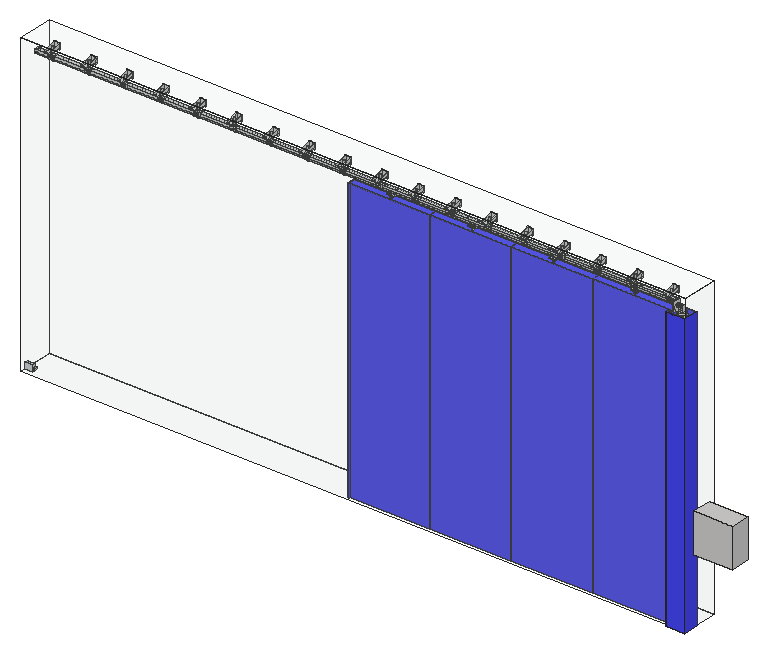
Revit family "Somati-System_SGS_Horizontal-fire-sliding-door_with-engine_9040_EI120", category Doors, host Wall, Revit 2018
Family settings
  Host = Wall
  OmniClass Number = 23.30.10.00
  OmniClass Title = Doors
  Always vertical = Yes
  Cut with Voids When Loaded = No
  Shared = No
  Room Calculation Point = No
Parameters (values of type "EI 120")
  Youtube clip = "https://www.youtube.com/watch?v=pRjbxBvixFY&feature=emb_logo"
  Wing top offset [instance] = 133 mm  # constant formula
  Wing thickness = 81.2 mm
  Wing middle offset = 75.5 mm
  Wing access (D) [instance] = [Width (W)] + 200 mm  # 4200 mm
  Width (W) [instance] = 4000 mm
  Weight Net (Kg) = "0"
  Uniformat II Description = ""
  Uniformat II Code = ""
  Uniclass 2015 Name = ""
  Uniclass 2015 Code = ""
  Uniclass 2.0 Description = ""
  Uniclass 2.0 Code = ""
  Uniclass 1.4 Description = ""
  Uniclass 1.4 Code = ""
  UNSPSC Code = ""
  Total height (Z) [instance] = Height Control + 360 mm  # 3860 mm
  Thickness = 0 mm
  Technical description = "https://somati-system.pl/en/download/sgs-download-en/"
  Region South America = "None"
  Region Oceania = "None"
  Region North America = "None"
  Region Middle East = "None"
  Region Europe = "AD, AL, AT, AX, BA, BE, BG, BY, CH, CY, CZ, DE, DK, EE, ES, FI, FO, FR, GB, GG, GI, GR, HR, HU, IE, IM, IS, IT, JE, LI, LT, LU, LV, MC, MD, ME, MK, MT, NL, NO, PL, PT, RO, RS, RU, SE, SI, SJ, SK, SM, UA, VA"
  Region Asia = "None"
  Region Antarctica = "None"
  Region Africa = "None"
  Rail and assembly materials [instance] = Somati - Stainless Steel - 7035
  QR code = "http://bimobject.com/somati-system/product/SGS_HORIZONTAL_FIRE_SLIDING_DOOR"
  Product url = "https://somati-system.pl/en/products/sgs-horizontal-fire-sliding-doors/"
  Product group = "SGS"
  Product family = "SGS"
  Product data url = "https://bimobject.com/somati-system/product/SGS_HORIZONTAL_FIRE_SLIDING_DOOR"
  Product certification = ""
  Product SKU = "SGS_HORIZONTAL_FIRE_SLIDING_DOOR"
  Product Guid = "8235eb12-0acf-4b60-9ca9-7613396e8d01"
  Power supply of control panel = "230V/50Hz/6A"  # constant formula
  Panel width [instance] = ([Width (W)] + 201 mm) / Number of panels in wing  # 1050.25 mm
  Panel material = Somati - Stainless Steel - Custom
  Panel height [instance] = Height Control + Wing top offset  # 3633 mm
  OmniClass Description = ""
  OmniClass Code = ""
  Offset Right [instance] = 260 mm
  Offset Left [instance] = 260 mm
  Number of panels in wing [instance] = roundup([Width (W)] / 1000 mm)  # 4
  Number of hangers [instance] = ([Guide rail length (K)] - 420 mm) / 600 mm  # 18
  Nominal width = 0 mm
  Nominal height = 0 mm
  NBS Reference Description = ""
  NBS Reference Code = ""
  Model = "SGS"  # constant formula
  Max number of opening cycles = 50000  # constant formula
  Material secondary = "Composite"
  Material main = "Steel"
  Masterformat 2014 Description = ""
  Masterformat 2014 Code = ""
  Manufacturer name = "Somati System"
  Manufacturer country = "Poland"
  Manufacturer = "Somati System"  # constant formula
  Installation instructions = ""
  IFC Classification = ""
  Height Control [instance] = if([Height (H)] > 3500 mm, 3500 mm, [Height (H)])  # 3500 mm
  Height (H) [instance] = 3500 mm
  Guide rail lower edge (B1) [instance] = Height Control + 160 mm  # 3660 mm
  Guide rail length (K) [instance] = 11460 mm
  Gate Control type = "Electromagnetic brake"  # constant formula
  GTIN code = ""
  Function = Interior
  Height = 2000 mm
  Wall Closure = By host
  Width = 1000 mm
  Fire resistance = "EI 60, EI 120 n"  # constant formula
  Edition number = 1
  Design country = "Poland"
  Date of publishing = ""
  Console mounting axis (B2) [instance] = if(Height Control > 3500 mm, Height Control + 239 mm, Height Control + 179 mm)  # 3679 mm
  Clearance Area Visibility [instance] = yes
  COBIe Type Category = ""
  Buffer (A1) [instance] = [Wing access (D)] + 130 mm  # 4330 mm
  Brand url = ""
  BIMobject main category code = "doors"
  BIMobject main category = "Doors"
  BIMobject category code = "doors-fire"
  BIMobject category = "Fire Doors & Shutters"
  Available surface fnish = "Galvanized Stainless Steel PVC, MDF, HDF, laminate or veneer, STANDARD RAL 7035, 9002, 9006, 9010, and powder coating of whole RAL pallet"  # constant formula
Reference planes
  plane 1: y = 0
  plane 2 "Center (Left/Right)": x = 0
  plane 3 "Left": x = -2000
  plane 4 "Right": x = 2000
  plane 5 "Cutout height": z = 3500
  plane 6 "Exterior": y = 150
  plane 7 "Interior": y = -150
  plane 8 "Consoles mounting axis": z = 3679
  plane 9 "Total height top": z = 3860
  plane 10 "Guide rail bottom": z = 3660
  plane 11 "Wing access": x = -6200
  plane 12 "Buffer placement": x = -6330
  plane 13 "Counterweight housing": x = 2260
  plane 14 "Handle": z = 1250
  plane 15 "Wing end left": x = -2141
  plane 16 "Wing end top": z = 3633
  plane 17 "Wing end right": x = 2060
  plane 18: y = -324
  plane 19 "Wing axis": y = -225.5
  plane 20: y = -75
  plane 21: y = -209.9
  plane 22: y = -241.1
  plane 23: x = -2143
  plane 24 "end of hangers": x = -5990
  plane 25: x = -1040
  plane 26: x = -2045
  plane 27: y = -266.1
  plane 28: y = -184.9
  plane 29: x = -6339
  plane 30: x = -6514.5
  plane 31: x = 2260
  plane 32: x = -6510
  plane 33: z = 3740
  plane 34: x = 2430
Forms (mm)
  Sweep 1, solid
    path origin (0, -150, 0) x (1, 0, 0) y (0, 0, 1)
      loop
        line (-2000, 0) -> (-2000, 3482) -> (2000, 3482)
    profile origin (-2000, -150, 1741) x (-1, 0, 0) y (0, -1, 0)
      loop
        line (10, 33) -> (10, 4)
        arc (10, 4) -> (11.172, 1.172) -> (14, 0) r 4
        line (14, 0) -> (102.778, 0)
        arc (102.778, 0) -> (105.607, 1.172) -> (106.778, 4) r 4
        line (106.778, 4) -> (106.778, 29)
        arc (106.778, 29) -> (107.364, 30.414) -> (108.778, 31) r 2
        line (108.778, 31) -> (124.778, 31) -> (124.778, 33) -> (10, 33)
  Sweep 2, solid, material "Somati - Stainless Steel - Custom" <- "Panel material"
    path origin (0, -150, 0) x (1, 0, 0) y (0, 0, 1)
      loop
        line (-2141, 3633) -> (-2141, 0)
    profile origin (-2141, -150, 1816.5) x (0, -1, 0) y (1, 0, 0)
      loop
        arc (18.1, 2) -> (19.272, -0.828) -> (22.1, -2) r 4
        line (22.1, -2) -> (114.1, -2)
        arc (114.1, -2) -> (116.928, -0.828) -> (118.1, 2) r 4
        line (118.1, 2) -> (118.1, 13) -> (116.1, 13) -> (116.1, 2)
        arc (116.1, 2) -> (115.514, 0.586) -> (114.1, 0) r 2
        line (114.1, 0) -> (22.1, 0)
        arc (22.1, 0) -> (20.686, 0.586) -> (20.1, 2) r 2
        line (20.1, 2) -> (20.1, 23) -> (18.1, 23) -> (18.1, 2)
  Sweep 3, solid, material "Somati - Stainless Steel - Custom" <- "Panel material"
    path origin (0, -150, 0) x (1, 0, 0) y (0, 0, 1)
      loop
        line (-2143, 3633) -> (2060, 3633)
    profile origin (-41.5, -150, 3633) x (0, 0, 1) y (0, -1, 0)
      loop
        line (-23, 19.5) -> (-23, 17.5) -> (-2, 17.5)
        arc (-2, 17.5) -> (0.828, 18.672) -> (2, 21.5) r 4
        line (2, 21.5) -> (2, 117.5) -> (0, 117.5) -> (0, 21.5)
        arc (0, 21.5) -> (-0.586, 20.086) -> (-2, 19.5) r 2
        line (-2, 19.5) -> (-23, 19.5)
  Sweep 4, solid, material "Somati - Stainless Steel - Custom" <- "Panel material"
    path origin (0, -150, 0) x (1, 0, 0) y (0, 0, 1)
      loop
        line (2260, 3633) -> (2260, 0)
    profile origin (2260, -150, 1816.5) x (0, -1, 0) y (1, 0, 0)
      loop
        line (186, -248) -> (186, 0) -> (0, 0) -> (0, -251) -> (33, -251) -> (33, -202) -> (149, -202) -> (149, -248) -> (186, -248)
      loop
        line (2, -200) -> (152, -200) -> (152, -245) -> (182, -245) -> (182, -3) -> (2, -3) -> (2, -200)
  Sweep 5, solid, material "Somati - Stainless Steel - 7035" <- "Rail and assembly materials"
    path origin (0, -225.5, 0) x (0, 0, -1) y (-1, 0, 0)
      loop
        line (-3655.5, 6200) -> (-3655.5, -2059)
    profile origin (-2070.5, -225.5, 3655.5) x (0, 0, -1) y (0, 1, 0)
      loop
        line (-49.5, -10) -> (-52.5, -10) -> (-52.5, -17.27)
        arc (-52.5, -17.27) -> (-52.68, -17.833) -> (-53.154, -18.187) r 0.97
        line (-53.154, -18.187) -> (-66.563, -22.805)
        arc (-66.563, -22.805) -> (-67.137, -22.951) -> (-67.728, -23) r 3.578
        line (-67.728, -23) -> (-90.523, -23)
        arc (-90.523, -23) -> (-91.214, -22.714) -> (-91.5, -22.023) r 0.977
        line (-91.5, -22.023) -> (-91.5, 21.985)
        arc (-91.5, 21.985) -> (-91.203, 22.703) -> (-90.485, 23) r 1.015
        line (-90.485, 23) -> (-67.73, 23)
        arc (-67.73, 23) -> (-67.137, 22.951) -> (-66.56, 22.804) r 3.593
        line (-66.56, 22.804) -> (-53.141, 18.183)
        arc (-53.141, 18.183) -> (-52.677, 17.836) -> (-52.5, 17.283) r 0.951
        line (-52.5, 17.283) -> (-52.5, 10) -> (-49.5, 10) -> (-49.5, 19.391)
        arc (-49.5, 19.391) -> (-49.707, 20) -> (-50.242, 20.357) r 1
        line (-50.242, 20.357) -> (-65.589, 25.643)
        arc (-65.589, 25.643) -> (-66.5, 25.91) -> (-67.445, 26) r 5
        line (-67.445, 26) -> (-91.5, 26)
        arc (-91.5, 26) -> (-93.621, 25.121) -> (-94.5, 23) r 3
        line (-94.5, 23) -> (-94.5, -23)
        arc (-94.5, -23) -> (-93.621, -25.121) -> (-91.5, -26) r 3
        line (-91.5, -26) -> (-67.445, -26)
        arc (-67.445, -26) -> (-66.5, -25.91) -> (-65.589, -25.643) r 5
        line (-65.589, -25.643) -> (-50.242, -20.357)
        arc (-50.242, -20.357) -> (-49.707, -20) -> (-49.5, -19.391) r 1
        line (-49.5, -19.391) -> (-49.5, -10)
  Extrusion 6, solid, material "Clearance Areas", visible <- "Clearance Area Visibility"
    sketch origin (-2209.467, 358.585, 220.701) x (1, 0, 0) y (0, 0, -1)
      loop
        line (-4120.533, 220.701) -> (-4120.533, -3639.299) -> (4469.467, -3639.299) -> (4469.467, 220.701) -> (-4120.533, 220.701)
    from -682.585 to -208.585
  Sweep 7, solid, material "Somati - Stainless Steel - Custom" <- "Panel material", not visible
    path origin (0, -150, 0) x (1, 0, 0) y (0, 0, 1)
      loop
        line (2000, 200) -> (2000, 3633)
    profile origin (2000, -150, 1916.5) x (-1, 0, 0) y (0, -1, 0)
      loop
        line (-9, 0) -> (-9, 33) -> (-58, 33) -> (-58, 124) -> (-12, 124) -> (-12, 161) -> (-60, 161) -> (-60, 0) -> (-9, 0)
  Extrusion 8, solid, material "Somati - Stainless Steel - 7035" <- "Rail and assembly materials"
    sketch origin (0, -150, 250) x (1, 0, 0) y (0, 0, 1)
      loop
        line (2430, 1250) -> (2430, 750) -> (2930, 750) -> (2930, 1250) -> (2430, 1250)
    from 0 to 250
  Extrusion 9, solid, material "Somati - Stainless Steel - 7035" <- "Rail and assembly materials", not visible
    sketch origin (0, -150, 0) x (1, 0, 0) y (0, 0, 1)
      loop
        line (2430, 1250) -> (2430, 750) -> (2930, 750) -> (2930, 1250) -> (2430, 1250)
    from 0 to 250
Lines and regions (mm)
  Opening 1
    outline origin (-3050, -150, 0) x (1, 0, 0) y (0, 0, 1)
      loop
        line (1050, 0) -> (5050, 0) -> (5050, 3500) -> (1050, 3500) -> (1050, 0)
  model lines, not visible
    curve 1: line (2430, -150, 1250) -> (2930, -150, 1250)
    curve 2: line (2430, -150, 1000) -> (2930, -150, 1000)
Text (mm)
  text "Exterior" at (-2295.016, 1099.543, 0), in view "Ref. Level"
  text "Exterior" at (0, 1615.38, 3698.081), in view "Left"
  text "Exterior" at (0, 1036.032, 3874.932), in view "Right"
Dimensions and locks
  equal spacing: plane 3 "Left", plane 2 "Center (Left/Right)", plane 4 "Right"
  "Width (W)": plane 3 "Left" to plane 4 "Right"
  "Height Control": plane 5 "Cutout height" to host wall
  host wall to plane 5 "Cutout height" = 3500 mm  (x2)
  locked: plane 6 "Exterior" to host wall at 0
  locked: plane 7 "Interior" to host wall
  "Total height (Z)": plane 9 "Total height top" to level
  "Console mounting axis (B2)": plane 8 "Consoles mounting axis" to level
  "Guide rail lower edge (B1)": plane 10 "Guide rail bottom" to level
  "Buffer (A1)": plane 12 "Buffer placement" to plane 3 "Left"
  locked: plane 4 "Right" to plane 13 "Counterweight housing" at 260
  "Wing access (D)": plane 11 "Wing access" to plane 3 "Left"
  locked: plane 14 "Handle" to level at 1250
  equal spacing: plane 21, plane 19 "Wing axis", plane 22
  equal spacing: group 1, group 6, group 14, group 2  (x3)
  locked: plane 4 "Right" to plane 17 "Wing end right" at 60
  "Wing top offset": plane 16 "Wing end top" to plane 5 "Cutout height"
  locked: plane 23 to plane 15 "Wing end left" at 2
  locked: Sweep 1 sketch curve to plane 5 "Cutout height" at 18
  locked: plane 24 "end of hangers" to plane 11 "Wing access" at 210
  equal spacing: group 4, group 22, group 21, group 20, group 19, group 18, group 17, group 16, group 15, group 13, group 12, group 11, group 10, group 9, group 8, group 7, group 5, group 3
  equal spacing: group 3, group 5, group 7, group 8, group 9, group 10, group 11, group 12, group 13, group 15, group 16, group 17, group 18, group 19, group 20, group 21, group 22, group 4  (x2)
  locked: plane 26 to plane 3 "Left" at 45
  locked: plane 28 to plane 21 at 25
  locked: plane 22 to plane 27 at 25
  locked: plane 15 "Wing end left" to plane 3 "Left" at 141
  locked: Sweep 4 to plane 19 "Wing axis" at 110.5
  locked: Sweep 4 sketch curve to Sweep 4 sketch curve at 3
  locked: plane 29 to plane 12 "Buffer placement" at 9
  plane 29 to plane 30 = 175.5 mm
  "Offset Right": plane 4 "Right" to plane 31
  plane 32 to plane 12 "Buffer placement" = 180 mm
  "Wing middle offset": host wall to plane 19 "Wing axis"
  plane 9 "Total height top" to plane 5 "Cutout height" = 360 mm
  nested 5 to nested 3 = 470 mm
  locked: plane 34 to plane 31 at 170
  locked: plane 19 "Wing axis" to host wall at 75.5
  plane 31 to plane 34 = 170 mm
  aligned and locked: plane 3 "Left" to Opening 1 sketch curve
  aligned and locked: plane 5 "Cutout height" to Opening 1 sketch curve  (x2)
  aligned and locked: Opening 1 sketch curve to plane 4 "Right"
  aligned and locked: Opening 1 sketch curve to level
  aligned and locked: host wall to plane 1
  aligned and locked: nested 1 to plane 19 "Wing axis"
  aligned and locked: plane 15 "Wing end left" to nested 1
  aligned and locked: plane 17 "Wing end right" to nested 2
  aligned and locked: Sweep 1 sketch curve to plane 3 "Left"
  aligned and locked: plane 3 "Left" to Sweep 1 sketch curve
  aligned and locked: plane 4 "Right" to Sweep 1 sketch curve
  aligned and locked: level to Sweep 1 sketch curve
  aligned and locked: Sweep 2 sketch curve to plane 15 "Wing end left"
  aligned and locked: plane 16 "Wing end top" to Sweep 2 sketch curve
  aligned and locked: level to Sweep 2 sketch curve
  aligned and locked: Sweep 3 sketch curve to plane 16 "Wing end top"
  aligned and locked: Sweep 3 sketch curve to plane 23
  aligned and locked: plane 16 "Wing end top" to Sweep 4 sketch curve
  aligned and locked: plane 17 "Wing end right" to Sweep 3 sketch curve
  aligned and locked: nested 3 to plane 4 "Right"
  aligned and locked: plane 6 "Exterior" to Extrusion 6
  aligned and locked: plane 13 "Counterweight housing" to Extrusion 6
  aligned and locked: Extrusion 6 to plane 12 "Buffer placement"
  aligned and locked: Extrusion 6 to plane 18
  aligned and locked: plane 9 "Total height top" to Extrusion 6
  aligned and locked: nested 2 to plane 19 "Wing axis"
  aligned and locked: profile plane to Sweep 4 sketch curve
  aligned and locked: plane 17 "Wing end right" to Sweep 4 sketch curve
  aligned and locked: nested 6 to plane 19 "Wing axis"
  aligned and locked: nested 6 to plane 12 "Buffer placement"
  aligned and locked: Sweep 7 sketch curve to plane 4 "Right"
  aligned and locked: plane 16 "Wing end top" to Sweep 7 sketch curve
  aligned and locked: plane 9 "Total height top" to nested 3
  aligned and locked: plane 9 "Total height top" to nested 5
  aligned and locked: nested 3 to plane 7 "Interior"
  aligned and locked: nested 5 to plane 7 "Interior"
  aligned and locked: plane 11 "Wing access" to Sweep 5 sketch curve
  aligned and locked: nested 4 to plane 24 "end of hangers"
  aligned and locked: nested 24 to plane 19 "Wing axis"
  aligned and locked: nested 24 to Sweep 4
  aligned and locked: plane 8 "Consoles mounting axis" to nested 24
  aligned and locked: nested 24 to Sweep 5 sketch curve
  aligned and locked: Extrusion 8 to plane 34
  aligned and locked: curve 1 to plane 14 "Handle"
Automatic sketch dimensions
  Sweep 2 sketch curve to Sweep 2 sketch curve = 0 mm  (x4)
  Sweep 2 sketch curve to profile plane = 0 mm
  Sweep 2 sketch curve to profile plane = 2 mm  (x2)
  plane 7 "Interior" to Sweep 2 sketch curve = 18.1 mm
  Sweep 2 sketch curve to Sweep 2 sketch curve = 2 mm
  Sweep 2 sketch curve to Sweep 2 sketch curve = 92 mm
  Sweep 2 sketch curve to Sweep 2 sketch curve = 11 mm
  Sweep 2 sketch curve to Sweep 2 sketch curve = 21 mm
  Sweep 3 sketch curve to Sweep 3 sketch curve = 0 mm  (x2)
  profile plane to Sweep 3 sketch curve = 0 mm
  profile plane to Sweep 3 sketch curve = 2 mm
  Sweep 3 sketch curve to Sweep 3 sketch curve = 21 mm
  Sweep 3 sketch curve to Sweep 3 sketch curve = 2 mm
  plane 7 "Interior" to Sweep 3 sketch curve = 17.5 mm
  Sweep 3 sketch curve to Sweep 3 sketch curve = 96 mm
  Sweep 4 sketch curve to level = 0 mm
  Sweep 4 sketch curve to plane 13 "Counterweight housing" = 0 mm
  plane 7 "Interior" to Sweep 4 sketch curve = 0 mm
  plane 7 "Interior" to Sweep 4 sketch curve = 2 mm
  Sweep 4 sketch curve to Sweep 4 sketch curve = 31 mm
  Sweep 4 sketch curve to Sweep 4 sketch curve = 116 mm
  Sweep 4 sketch curve to Sweep 4 sketch curve = 3 mm  (x2)
  Sweep 4 sketch curve to Sweep 4 sketch curve = 30 mm
  Sweep 4 sketch curve to Sweep 4 sketch curve = 4 mm
  Sweep 4 sketch curve to Sweep 4 sketch curve = 2 mm
  Sweep 4 sketch curve to Sweep 4 sketch curve = 45 mm
  Sweep 4 sketch curve to Sweep 4 sketch curve = 49 mm
  Extrusion 6 sketch curve to plane 9 "Total height top" = 0 mm
  Extrusion 6 sketch curve to plane 12 "Buffer placement" = 0 mm
  Extrusion 6 sketch curve to plane 13 "Counterweight housing" = 0 mm
  Extrusion 6 sketch curve to level = 0 mm
  Sweep 7 sketch curve to plane 14 "Handle" = 1050 mm
  plane 7 "Interior" to Sweep 7 sketch curve = 0 mm
  profile plane to Sweep 7 sketch curve = 60 mm
  Sweep 7 sketch curve to Sweep 7 sketch curve = 2 mm
  profile plane to Sweep 7 sketch curve = 12 mm
  profile plane to Sweep 7 sketch curve = 9 mm
  plane 7 "Interior" to Sweep 7 sketch curve = 33 mm
  Sweep 7 sketch curve to Sweep 7 sketch curve = 91 mm
  Sweep 7 sketch curve to Sweep 7 sketch curve = 37 mm
  Sweep 5 sketch curve to plane 10 "Guide rail bottom" = 4.5 mm
  profile plane to Sweep 5 sketch curve = 94.5 mm
  Sweep 5 sketch curve to Sweep 5 sketch curve = 3 mm  (x3)
  Sweep 5 sketch curve to Sweep 5 sketch curve = 0 mm
  Sweep 5 sketch curve to Sweep 5 sketch curve = 0.977 mm
  Sweep 5 sketch curve to Sweep 5 sketch curve = 1.015 mm  (x2)
  Sweep 5 sketch curve to Sweep 5 sketch curve = 22.755 mm
  Sweep 5 sketch curve to Sweep 5 sketch curve = 22.795 mm
  Sweep 5 sketch curve to Sweep 5 sketch curve = 0.282 mm
  Sweep 5 sketch curve to Sweep 5 sketch curve = 0.285 mm
  Sweep 5 sketch curve to Sweep 5 sketch curve = 1.165 mm
  Sweep 5 sketch curve to Sweep 5 sketch curve = 1.17 mm
  Sweep 5 sketch curve to Sweep 5 sketch curve = 1.857 mm  (x2)
  Sweep 5 sketch curve to Sweep 5 sketch curve = 13.093 mm
  Sweep 5 sketch curve to Sweep 5 sketch curve = 13.109 mm
  Sweep 5 sketch curve to Sweep 5 sketch curve = 0.316 mm
  Sweep 5 sketch curve to Sweep 5 sketch curve = 0.31 mm
  Sweep 5 sketch curve to Sweep 5 sketch curve = 0.951 mm
  Sweep 5 sketch curve to Sweep 5 sketch curve = 0.97 mm
  Sweep 5 sketch curve to Sweep 5 sketch curve = 2.641 mm
  Sweep 5 sketch curve to Sweep 5 sketch curve = 2.654 mm
  Sweep 5 sketch curve to Sweep 5 sketch curve = 0.258 mm  (x2)
  Sweep 5 sketch curve to Sweep 5 sketch curve = 1 mm
  Sweep 5 sketch curve to plane 19 "Wing axis" = 26 mm
  Sweep 5 sketch curve to Sweep 5 sketch curve = 0.357 mm
  Sweep 5 sketch curve to Sweep 5 sketch curve = 2 mm
  Sweep 5 sketch curve to Sweep 5 sketch curve = 0.195 mm
  Sweep 5 sketch curve to Sweep 5 sketch curve = 5.286 mm
  Sweep 5 sketch curve to Sweep 5 sketch curve = 1.204 mm
  Sweep 5 sketch curve to Sweep 5 sketch curve = 7.27 mm
  Sweep 5 sketch curve to Sweep 5 sketch curve = 20 mm
  Sweep 5 sketch curve to Sweep 5 sketch curve = 7.283 mm
  Sweep 5 sketch curve to Sweep 5 sketch curve = 2.108 mm
  Sweep 5 sketch curve to Sweep 5 sketch curve = 2.124 mm
  Sweep 5 sketch curve to Sweep 5 sketch curve = 1.593 mm
  Sweep 5 sketch curve to Sweep 5 sketch curve = 2.577 mm
  Sweep 1 sketch curve to profile plane = 10 mm
  plane 7 "Interior" to Sweep 1 sketch curve = 0 mm
  Sweep 1 sketch curve to profile plane = 14 mm
  plane 7 "Interior" to Sweep 1 sketch curve = 4 mm
  Sweep 1 sketch curve to Sweep 1 sketch curve = 88.778 mm
  Sweep 1 sketch curve to Sweep 1 sketch curve = 2 mm
  Sweep 1 sketch curve to Sweep 1 sketch curve = 16 mm
  Sweep 1 sketch curve to Sweep 1 sketch curve = 25 mm
  Sweep 1 sketch curve to Sweep 1 sketch curve = 29 mm
  Extrusion 8 sketch curve to Extrusion 8 sketch curve = 500 mm  (x2)
  curve 1 to curve 1 = 500 mm
  Extrusion 9 sketch curve to Extrusion 9 sketch curve = 500 mm  (x2)
  curve 2 to curve 2 = 500 mm
Nested families
  nested 1: "Family2" at (-1615.875, -225.5, 0), Material <- "Panel material", Width <- "Panel width", Thickness <- "Wing thickness", Height <- "Panel height", type "Family2"
    with Width 1050.25 mm, Thickness 81.2 mm, Material Somati - Stainless Steel - Custom, Height 3633 mm
  nested 2: "Family2" at (1534.875, -225.5, 0), Material <- "Panel material", Width <- "Panel width", Thickness <- "Wing thickness", Height <- "Panel height", type "Family2"
    with Width 1050.25 mm, Thickness 81.2 mm, Material Somati - Stainless Steel - Custom, Height 3633 mm
  nested 3: "Family3" at (1966, -230, 3770) x (0, 1, 0) z (1, 0, 0), type "Family3", detail levels medium+fine
  nested 4: "Family3" at (-6024, -230, 3770) x (0, 1, 0) z (1, 0, 0), type "Family3", detail levels medium+fine
  nested 5: "Family3" at (1496, -230, 3770) x (0, 1, 0) z (1, 0, 0), type "Family3", detail levels medium+fine
  nested 6: "Stopper" at (-6280.037, -225.5, 0), type "Stopper", detail levels medium+fine
  nested 7: "Family2" at (-565.625, -225.5, 0), Material <- "Panel material", Width <- "Panel width", Thickness <- "Wing thickness", Height <- "Panel height", type "Family2"
    with Width 1050.25 mm, Thickness 81.2 mm, Material Somati - Stainless Steel - Custom, Height 3633 mm
  nested 8: "Family3" at (1026, -230, 3770) x (0, 1, 0) z (1, 0, 0), type "Family3", detail levels medium+fine
  nested 9: "Family3" at (556, -230, 3770) x (0, 1, 0) z (1, 0, 0), type "Family3", detail levels medium+fine
  nested 10: "Family3" at (86, -230, 3770) x (0, 1, 0) z (1, 0, 0), type "Family3", detail levels medium+fine
  nested 11: "Family3" at (-384, -230, 3770) x (0, 1, 0) z (1, 0, 0), type "Family3", detail levels medium+fine
  nested 12: "Family3" at (-854, -230, 3770) x (0, 1, 0) z (1, 0, 0), type "Family3", detail levels medium+fine
  nested 13: "Family3" at (-1324, -230, 3770) x (0, 1, 0) z (1, 0, 0), type "Family3", detail levels medium+fine
  nested 14: "Family3" at (-1794, -230, 3770) x (0, 1, 0) z (1, 0, 0), type "Family3", detail levels medium+fine
  nested 15: "Family2" at (484.625, -225.5, 0), Material <- "Panel material", Width <- "Panel width", Thickness <- "Wing thickness", Height <- "Panel height", type "Family2"
    with Width 1050.25 mm, Thickness 81.2 mm, Material Somati - Stainless Steel - Custom, Height 3633 mm
  nested 16: "Family3" at (-2264, -230, 3770) x (0, 1, 0) z (1, 0, 0), type "Family3", detail levels medium+fine
  nested 17: "Family3" at (-2734, -230, 3770) x (0, 1, 0) z (1, 0, 0), type "Family3", detail levels medium+fine
  nested 18: "Family3" at (-3204, -230, 3770) x (0, 1, 0) z (1, 0, 0), type "Family3", detail levels medium+fine
  nested 19: "Family3" at (-3674, -230, 3770) x (0, 1, 0) z (1, 0, 0), type "Family3", detail levels medium+fine
  nested 20: "Family3" at (-4144, -230, 3770) x (0, 1, 0) z (1, 0, 0), type "Family3", detail levels medium+fine
  nested 21: "Family3" at (-4614, -230, 3770) x (0, 1, 0) z (1, 0, 0), type "Family3", detail levels medium+fine
  nested 22: "Family3" at (-5084, -230, 3770) x (0, 1, 0) z (1, 0, 0), type "Family3", detail levels medium+fine
  nested 23: "Family3" at (-5554, -230, 3770) x (0, 1, 0) z (1, 0, 0), type "Family3", detail levels medium+fine
  nested 24: "Family1500" at (2137, -225.5, 3456), type "Family1500"
Definition of nested family "Family2"
  Parameters (values of type "Family2")
    Width [instance] = 349.761 mm
    Thickness [instance] = 117.742 mm
    Material [instance] = none
    Height [instance] = 398.765 mm
    Hardware material = none
  Reference planes
    plane 1 "Center (Front/Back)": y = 0
    plane 2: z = 0
    plane 3 "Center (Left/Right)": x = 0
    plane 4: x = -174.88
    plane 5: x = 174.88
    plane 6: y = 58.871
    plane 7: y = -58.871
    plane 8: z = 398.765
  Forms (mm)
    Extrusion 1, solid, material <- "Material"
      sketch origin (0, 0, 0) x (1, 0, 0) y (0, 1, 0)
        loop
          line (-174.88, -58.871) -> (174.88, -58.871) -> (174.88, 58.871) -> (-174.88, 58.871) -> (-174.88, -58.871)
      from 0 to 398.765
  Dimensions and locks
    equal spacing: plane 4, plane 3 "Center (Left/Right)", plane 5
    "Width": plane 4 to plane 5
    equal spacing: plane 6, plane 1 "Center (Front/Back)", plane 7
    "Thickness": plane 6 to plane 7
    "Height": plane 8 to plane 2
    aligned and locked: level to plane 2
    aligned and locked: plane 6 to Extrusion 1
    aligned and locked: Extrusion 1 to plane 7
    aligned and locked: Extrusion 1 to plane 4
    aligned and locked: plane 5 to Extrusion 1
    aligned and locked: plane 6 to Extrusion 1 sketch curve
    aligned and locked: Extrusion 1 sketch curve to plane 7
    aligned and locked: Extrusion 1 sketch curve to plane 4
    aligned and locked: plane 5 to Extrusion 1 sketch curve
    aligned and locked: plane 8 to Extrusion 1
    aligned and locked: plane 3 "Center (Left/Right)" to nested 1
    aligned and locked: plane 1 "Center (Front/Back)" to nested 1
    aligned and locked: nested 1 to plane 8
  Nested families
    nested 1: "Family1" at (0, 0, 491.765), type "Family1", detail levels medium+fine
  Definition of nested family "Family1"
    Parameters (values of type "Family1")
      Material = none
    Reference planes
      plane 1 "Center (Front/Back)": y = 0
      plane 2: z = 0
      plane 3 "Center (Left/Right)": x = 0
      plane 4: y = 1.5
      plane 5: y = -1.5
      plane 6: z = -93
    Forms (mm)
      Extrusion 1, solid, material <- "Material"
        sketch origin (0, 0, 0) x (0, 1, 0) y (0, 0, 1)
          loop
            line (11, -54) -> (-26.5, -54) -> (-26.5, -60) -> (11, -60)
            arc (11, -60) -> (16.303, -57.803) -> (18.5, -52.5) r 7.5
            line (18.5, -52.5) -> (18.5, -45.5)
            arc (18.5, -45.5) -> (16.303, -40.197) -> (11, -38) r 7.5
            line (11, -38) -> (9, -38)
            arc (9, -38) -> (4.757, -36.243) -> (3, -32) r 6
            line (3, -32) -> (3, 17.5) -> (-3, 17.5) -> (-3, -32)
            arc (-3, -32) -> (0.515, -40.485) -> (9, -44) r 12
            line (9, -44) -> (11, -44)
            arc (11, -44) -> (12.061, -44.439) -> (12.5, -45.5) r 1.5
            line (12.5, -45.5) -> (12.5, -52.5)
            arc (12.5, -52.5) -> (12.061, -53.561) -> (11, -54) r 1.5
        from -45 to 45
      Revolve 2, solid, material <- "Material"
        sketch origin (0, 0, 0) x (1, 0, 0) y (0, 0, 1)
          loop
            arc (8.25, -46) -> (4.244, -44.507) -> (0, -44) r 18.016
            line (0, -44) -> (0, -184) -> (6.5, -184) -> (8, -182.5) -> (8, -91) -> (10.125, -91)
            arc (10.125, -91) -> (11.933, -90.664) -> (13.5, -89.7) r 5.031
            line (13.5, -89.7) -> (13.5, -84.8)
            arc (13.5, -84.8) -> (12.037, -83.478) -> (10.125, -83) r 4.064
            line (10.125, -83) -> (8, -83) -> (8, -71) -> (10.125, -71)
            arc (10.125, -71) -> (11.933, -70.664) -> (13.5, -69.7) r 5.031
            line (13.5, -69.7) -> (13.5, -64.8)
            arc (13.5, -64.8) -> (12.037, -63.478) -> (10.125, -63) r 4.064
            line (10.125, -63) -> (15, -63) -> (15, -60) -> (8, -60) -> (8, -54) -> (16.5, -54) -> (16.5, -46)
            arc (16.5, -46) -> (12.375, -44) -> (8.25, -46) r 5.254
          axis (0, -44) -> (0, -184)
        angle from 0 to 360
      Extrusion 3, void
        sketch origin (0, 0, 0) x (1, 0, 0) y (0, 0, 1)
          loop
            line (45, -25) -> (45, 17.5) -> (-45, 17.5) -> (-45, -25)
            arc (-45, -25) -> (0, 15) -> (45, -25) r 45.312
        from -23 to 30.5
      Extrusion 4, solid, material <- "Material"
        sketch origin (0, 0, 0) x (1, 0, 0) y (0, 0, 1)
          loop
            circle (70, 0) r 17
        from -17 to -7
      Sweep 5, void
        path in 3D
          loop
            arc (87, 7, 0) -> (70, 7, -17) -> (53, 7, 0) r 17
            arc (53, 7, 0) -> (70, 7, 17) -> (87, 7, 0) r 17
        profile origin (70, 7, 17) x (0, 0, 1) y (0, -1, 0)
          loop
            line (-1.5, 0) -> (0, -1.5) -> (0.954, -0.546) -> (-0.546, 0.954) -> (-1.5, 0)
      Sweep 6, void
        path in 3D
          loop
            arc (87, 17, 0) -> (70, 17, -17) -> (53, 17, 0) r 17
            arc (53, 17, 0) -> (70, 17, 17) -> (87, 17, 0) r 17
        profile origin (70, 17, 17) x (0, 0, -1) y (0, 1, 0)
          loop
            line (1.5, 0) -> (0.546, 0.954) -> (-0.954, -0.546) -> (0, -1.5) -> (1.5, 0)
      Extrusion 7, solid, material <- "Material"
        sketch origin (0, 0, 0) x (1, 0, 0) y (0, 0, 1)
          loop
            circle (70, 0) r 9
        from -7 to -3
      Extrusion 8, solid, material <- "Material"
        sketch origin (0, 0, 0) x (1, 0, 0) y (0, 0, -1)
          loop
            circle (70, 0) r 17
        from -17 to -7
      Sweep 9, void
        path in 3D
          loop
            arc (53, -7, 0) -> (70, -7, -17) -> (87, -7, 0) r 17
            arc (87, -7, 0) -> (70, -7, 17) -> (53, -7, 0) r 17
        profile origin (70, -7, 17) x (0, 0, 1) y (0, 1, 0)
          loop
            line (-1.5, 0) -> (0, -1.5) -> (0.954, -0.546) -> (-0.546, 0.954) -> (-1.5, 0)
      Sweep 10, void
        path in 3D
          loop
            arc (87, -17, 0) -> (70, -17, -17) -> (53, -17, 0) r 17
            arc (53, -17, 0) -> (70, -17, 17) -> (87, -17, 0) r 17
        profile origin (70, -17, 17) x (0, 0, 1) y (0, -1, 0)
          loop
            line (-1.5, 0) -> (0, -1.5) -> (0.954, -0.546) -> (-0.546, 0.954) -> (-1.5, 0)
      Extrusion 11, solid, material <- "Material"
        sketch origin (0, 0, 0) x (1, 0, 0) y (0, 0, -1)
          loop
            circle (70, 0) r 9
        from -7 to -3
      Extrusion 12, solid, material <- "Material"
        sketch origin (0, 0, 0) x (-1, 0, 0) y (0, 0, -1)
          loop
            circle (70, 0) r 17
        from -17 to -7
      Sweep 13, void
        path in 3D
          loop
            arc (-53, 7, 0) -> (-70, 7, -17) -> (-87, 7, 0) r 17
            arc (-87, 7, 0) -> (-70, 7, 17) -> (-53, 7, 0) r 17
        profile origin (-70, 7, 17) x (0, 0, 1) y (0, -1, 0)
          loop
            line (-1.5, 0) -> (0, -1.5) -> (0.954, -0.546) -> (-0.546, 0.954) -> (-1.5, 0)
      Sweep 14, void
        path in 3D
          loop
            arc (-87, 17, 0) -> (-70, 17, -17) -> (-53, 17, 0) r 17
            arc (-53, 17, 0) -> (-70, 17, 17) -> (-87, 17, 0) r 17
        profile origin (-70, 17, 17) x (0, 0, 1) y (0, 1, 0)
          loop
            line (-1.5, 0) -> (0, -1.5) -> (0.954, -0.546) -> (-0.546, 0.954) -> (-1.5, 0)
      Extrusion 15, solid, material <- "Material"
        sketch origin (0, 0, 0) x (-1, 0, 0) y (0, 0, -1)
          loop
            circle (70, 0) r 9
        from -7 to -1.5
      Extrusion 16, solid, material <- "Material"
        sketch origin (0, 0, 0) x (-1, 0, 0) y (0, 0, 1)
          loop
            circle (70, 0) r 17
        from -17 to -7
      Sweep 17, void
        path in 3D
          loop
            arc (-87, -7, 0) -> (-70, -7, -17) -> (-53, -7, 0) r 17
            arc (-53, -7, 0) -> (-70, -7, 17) -> (-87, -7, 0) r 17
        profile origin (-70, -7, 17) x (0, 0, 1) y (0, 1, 0)
          loop
            line (-1.5, 0) -> (0, -1.5) -> (0.954, -0.546) -> (-0.546, 0.954) -> (-1.5, 0)
      Sweep 18, void
        path in 3D
          loop
            arc (-87, -17, 0) -> (-70, -17, -17) -> (-53, -17, 0) r 17
            arc (-53, -17, 0) -> (-70, -17, 17) -> (-87, -17, 0) r 17
        profile origin (-70, -17, 17) x (0, 0, -1) y (0, -1, 0)
          loop
            line (1.5, 0) -> (0.546, 0.954) -> (-0.954, -0.546) -> (0, -1.5) -> (1.5, 0)
      Extrusion 19, solid, material <- "Material"
        sketch origin (0, 0, 0) x (-1, 0, 0) y (0, 0, 1)
          loop
            circle (70, 0) r 9
        from -7 to -1.5
      Extrusion 20, solid, material <- "Material"
        sketch origin (0, 0, 0) x (1, 0, 0) y (0, 0, 1)
          loop
            line (87, 17.5) -> (-87, 17.5)
            arc (-87, 17.5) -> (-89.121, 16.621) -> (-90, 14.5) r 3
            line (-90, 14.5) -> (-90, -14.5)
            arc (-90, -14.5) -> (-89.121, -16.621) -> (-87, -17.5) r 3
            line (-87, -17.5) -> (-50, -17.5) -> (-50, -12.5) -> (-24.592, -12.5) -> (24.592, -12.5) -> (50, -12.5) -> (50, -17.5) -> (87, -17.5)
            arc (87, -17.5) -> (89.121, -16.621) -> (90, -14.5) r 3
            line (90, -14.5) -> (90, 14.5)
            arc (90, 14.5) -> (89.121, 16.621) -> (87, 17.5) r 3
        from -1.5 to 1.5
      Revolve 21, solid, material <- "Material"
        sketch origin (0, 0, 0) x (0, 1, 0) y (0, 0, 1)
          loop
            arc (-22.5, -52.2) -> (-24.522, -52.351) -> (-26.5, -52.8) r 13.633
            line (-26.5, -52.8) -> (-26.5, -54) -> (-22.5, -54) -> (-22.5, -52.2)
          axis (-22.5, -54) -> (-22.5, -52.2)
        angle from 0 to 360
    Cuts and joins
      Extrusion 3 cuts Extrusion 1
      Sweep 5, Sweep 6, Sweep 9, Sweep 10, Sweep 13, Sweep 14 cuts Extrusion 4
      Sweep 9, Sweep 10, Sweep 17, Sweep 18 cuts Extrusion 8
      Sweep 13, Sweep 14 cuts Extrusion 12
      Sweep 17, Sweep 18 cuts Extrusion 16
    Lines and regions (mm)
      sketch lines
        curve 1: arc (53, 7, 0) -> (70, 7, 17) -> (87, 7, 0) r 17
        curve 2: arc (87, 7, 0) -> (70, 7, -17) -> (53, 7, 0) r 17
        curve 3: arc (53, 17, 0) -> (70, 17, 17) -> (87, 17, 0) r 17
        curve 4: arc (87, 17, 0) -> (70, 17, -17) -> (53, 17, 0) r 17
        curve 5: arc (87, -7, 0) -> (70, -7, 17) -> (53, -7, 0) r 17
        curve 6: arc (53, -7, 0) -> (70, -7, -17) -> (87, -7, 0) r 17
        curve 7: arc (53, -17, 0) -> (70, -17, 17) -> (87, -17, 0) r 17
        curve 8: arc (87, -17, 0) -> (70, -17, -17) -> (53, -17, 0) r 17
        curve 9: arc (-87, 7, 0) -> (-70, 7, 17) -> (-53, 7, 0) r 17
        curve 10: arc (-53, 7, 0) -> (-70, 7, -17) -> (-87, 7, 0) r 17
        curve 11: arc (-53, 17, 0) -> (-70, 17, 17) -> (-87, 17, 0) r 17
        curve 12: arc (-87, 17, 0) -> (-70, 17, -17) -> (-53, 17, 0) r 17
        curve 13: arc (-53, -7, 0) -> (-70, -7, 17) -> (-87, -7, 0) r 17
        curve 14: arc (-87, -7, 0) -> (-70, -7, -17) -> (-53, -7, 0) r 17
        curve 15: arc (-53, -17, 0) -> (-70, -17, 17) -> (-87, -17, 0) r 17
        curve 16: arc (-87, -17, 0) -> (-70, -17, -17) -> (-53, -17, 0) r 17
    Dimensions and locks
      aligned and locked: level to plane 2
Definition of nested family "Family3"
  Parameters (values of type "Family3")
    Material = none
    Default Elevation = 1219.2 mm
  Reference planes
    plane 1 "Center (Front/Back)": y = 0
    plane 2: z = 0
    plane 3 "Center (Left/Right)": x = 0
    plane 4: z = 34
    plane 5: y = -35.027
  Forms (mm)
    Extrusion 1, solid, material <- "Material"
      sketch origin (-37.703, -131.551, 0) x (1, 0, 0) y (0, 1, 0)
        loop
          arc (19.203, 116.051) -> (13.899, 113.854) -> (11.703, 108.551) r 7.5
          line (11.703, 108.551) -> (11.703, 84.496)
          arc (11.703, 84.496) -> (11.874, 82.7) -> (12.382, 80.969) r 9.5
          line (12.382, 80.969) -> (17.498, 66.134)
          arc (17.498, 66.134) -> (19.461, 63.19) -> (22.812, 62.051) r 5.5
          line (22.812, 62.051) -> (32.203, 62.051) -> (32.203, 66.551) -> (22.812, 66.551)
          arc (22.812, 66.551) -> (22.203, 66.758) -> (21.846, 67.293) r 1
          line (21.846, 67.293) -> (16.56, 82.64)
          arc (16.56, 82.64) -> (16.293, 83.551) -> (16.203, 84.496) r 5
          line (16.203, 84.496) -> (16.203, 108.551)
          arc (16.203, 108.551) -> (17.081, 110.672) -> (19.203, 111.551) r 3
          line (19.203, 111.551) -> (65.203, 111.551)
          arc (65.203, 111.551) -> (67.324, 110.672) -> (68.203, 108.551) r 3
          line (68.203, 108.551) -> (68.203, 84.496)
          arc (68.203, 84.496) -> (68.112, 83.551) -> (67.845, 82.64) r 5
          line (67.845, 82.64) -> (62.56, 67.293)
          arc (62.56, 67.293) -> (62.203, 66.758) -> (61.593, 66.551) r 1
          line (61.593, 66.551) -> (52.203, 66.551) -> (52.203, 62.051) -> (61.593, 62.051)
          arc (61.593, 62.051) -> (64.944, 63.19) -> (66.908, 66.134) r 5.5
          line (66.908, 66.134) -> (72.023, 80.969)
          arc (72.023, 80.969) -> (72.531, 82.7) -> (72.703, 84.496) r 9.5
          line (72.703, 84.496) -> (72.703, 108.551)
          arc (72.703, 108.551) -> (70.506, 113.854) -> (65.203, 116.051) r 7.5
          line (65.203, 116.051) -> (19.203, 116.051)
      from 0 to 68
    Revolve 2, solid, material <- "Material"
      sketch origin (4.5, 0, 30.25) x (1, 0, 0) y (0, 1, 0)
        loop
          line (0, -15.5) -> (8, -15.5) -> (8, 14) -> (10.125, 14)
          arc (10.125, 14) -> (11.933, 14.336) -> (13.5, 15.3) r 5.031
          line (13.5, 15.3) -> (13.5, 20.2)
          arc (13.5, 20.2) -> (12.038, 21.522) -> (10.125, 22) r 4.064
          line (10.125, 22) -> (15, 22) -> (15, 25) -> (0, 25) -> (0, -15.5)
        loop
          line (15, 33) -> (10.125, 33)
          arc (10.125, 33) -> (11.933, 33.336) -> (13.5, 34.3) r 5.031
          line (13.5, 34.3) -> (13.5, 39.2)
          arc (13.5, 39.2) -> (12.037, 40.522) -> (10.125, 41) r 4.064
          line (10.125, 41) -> (8, 41) -> (8, 73) -> (6.5, 74.5) -> (0, 74.5) -> (0, 30) -> (15, 30) -> (15, 33)
        axis (0, 74.5) -> (0, -15.5)
      angle from 0 to 360
    Extrusion 3, solid, material <- "Material"
      sketch origin (0, 0, 0) x (0, 1, 0) y (0, 0, -1)
        loop
          line (80, 7.25) -> (31, 7.25)
          arc (31, 7.25) -> (26.757, 5.493) -> (25, 1.25) r 6
          line (25, 1.25) -> (25, -61.75)
          arc (25, -61.75) -> (26.757, -65.993) -> (31, -67.75) r 6
          line (31, -67.75) -> (80, -67.75) -> (80, -62.75) -> (31, -62.75)
          arc (31, -62.75) -> (30.293, -62.457) -> (30, -61.75) r 1
          line (30, -61.75) -> (30, 1.25)
          arc (30, 1.25) -> (30.293, 1.957) -> (31, 2.25) r 1
          line (31, 2.25) -> (80, 2.25) -> (80, 7.25)
      from -75 to 75
    Extrusion 4, solid, material <- "Material"
      sketch origin (0, 0, 0) x (0, 1, 0) y (0, 0, -1)
        loop
          line (10, -67.75) -> (90, -67.75) -> (90, 7.25) -> (10, 7.25) -> (10, -67.75)
      from -80 to -75
    Extrusion 5, void
      sketch origin (0, 0, 0) x (-1, 0, 0) y (0, -1, 0)
        loop
          line (75, -80) -> (75, -40) -> (-75, -80) -> (75, -80)
      from -7.25 to 68
  Cuts and joins
    Extrusion 5 cuts Extrusion 3
  Dimensions and locks
    aligned and locked: level to plane 2
Definition of nested family "Stopper"
  Parameters (values of type "Stopper")
    Material = none
  Reference planes
    plane 1 "Center (Front/Back)": y = 0
    plane 2: z = 0
    plane 3 "Center (Left/Right)": x = 0
  Forms (mm)
    Extrusion 1, solid
      sketch origin (0, -69.316, 40.1) x (1, 0, 0) y (0, 1, 0)
        loop
          line (-49.963, 50.816) -> (50, 50.816) -> (50, 87.816) -> (-49.963, 87.816) -> (-49.963, 50.816)
      from -40 to 40
    Revolve 2, solid, material <- "Material"
      sketch origin (0, -18.5, 40.1) x (1, 0, 0) y (0, 1, 0)
        loop
          line (50, 36.9) -> (50, 18.5) -> (67.112, 18.5) -> (67.112, 36.9) -> (50, 36.9)
        axis (50, 18.5) -> (67.112, 18.5)
      angle from 0 to 360
  Dimensions and locks
    aligned and locked: level to plane 2
Definition of nested family "Family1500"
  Parameters (values of type "Family1500")
    Material = none
  Reference planes
    plane 1 "Center (Front/Back)": y = 0
    plane 2: z = 0
    plane 3 "Center (Left/Right)": x = 0
  Forms (mm)
    Revolve 1, solid, material <- "Material"
      sketch origin (0, 0, 0) x (1, 0, 0) y (0, 0, 1)
        loop
          line (0, 178) -> (0, 0) -> (25, 0) -> (25, 15) -> (47.5, 15) -> (55, 30) -> (55, 146) -> (47.5, 161) -> (47.5, 170) -> (35, 170) -> (35, 178) -> (0, 178)
        axis (0, 178) -> (0, 0)
      angle from 0 to 360
    Revolve 2, solid, material <- "Material"
      sketch origin (0, 0, 0) x (1, 0, 0) y (0, 0, 1)
        loop
          line (45.53, 82.5) -> (60, 82.5) -> (60, 105) -> (45.53, 105) -> (45.53, 82.5)
        axis (45.53, 82.5) -> (60, 82.5)
      angle from 0 to 360
    Extrusion 3, solid, material <- "Material"
      sketch origin (0, 0, 0) x (1, 0, 0) y (0, 0, 1)
        loop
          line (60, 125) -> (60, -5) -> (120, -5) -> (120, 125) -> (60, 125)
      from -55.377 to 55.481
    Extrusion 4, solid, material <- "Material"
      sketch origin (0, 0, 0) x (1, 0, 0) y (0, 0, 1)
        loop
          line (-68, 258) -> (-68, 178) -> (29, 178) -> (29, 258) -> (-68, 258)
      from 0 to 22.938
    Extrusion 5, solid, material <- "Material"
      sketch origin (0, 0, 0) x (1, 0, 0) y (0, 0, 1)
        loop
          circle (-28, 218) r 27.5
      from 0 to 47.742
    Extrusion 6, solid, material <- "Material"
      sketch origin (0, 0, 0) x (1, 0, 0) y (0, 0, 1)
        loop
          circle (-28, 218) r 38.5
      from 0 to 32.096
    Extrusion 7, solid, material <- "Material"
      sketch origin (0, 0, 0) x (1, 0, 0) y (0, 0, 1)
        loop
          line (-78, 281) -> (-78, 161) -> (-68, 161) -> (-68, 281) -> (-78, 281)
      from 47.742 to -47.228
  Lines and regions (mm)
    reference lines
      curve 1: line (-78, 0, 258) -> (-278, 0, 258)
      curve 2: line (-78, 0, 223) -> (-278, 0, 223)
  Dimensions and locks
    aligned and locked: level to plane 2
